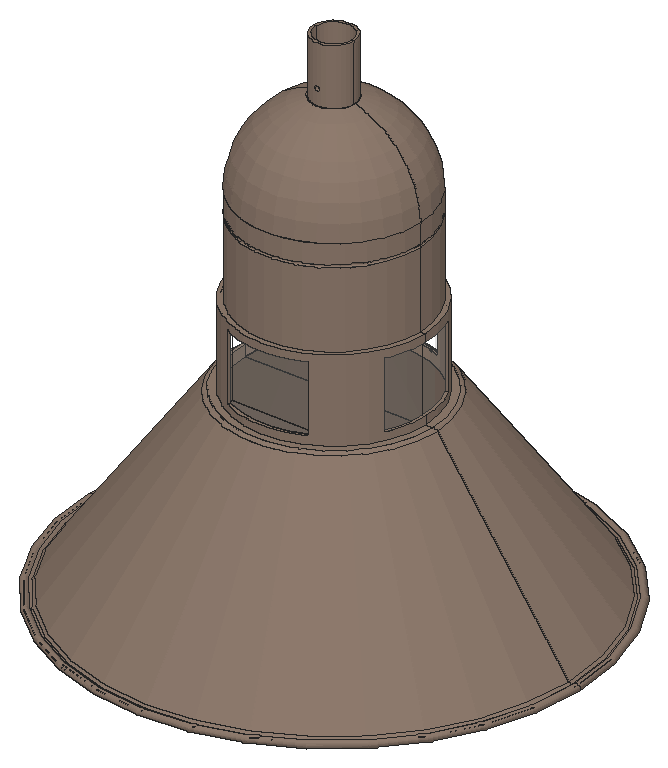
Revit family "BVA2404", category Generic Models, Revit 2014
Parameters
  GLASS = Glass
  BELL = Bronze, Architectural
Reference planes (in)
  plane 1 "Center (Front/Back)": y = 0
  plane 2: z = 0
  plane 3 "Center (Left/Right)": x = 0
Forms (in)
  Revolve 1, solid, material "Bronze, Architectural" <- "BELL"
    sketch origin (0, 0, 2.58382) x (1, 0, 0) y (0, 0, 1)
      loop
        line (-0.69, 19.36504) -> (-1.0625, 19.36504)
        arc (-1.0625, 19.36504) -> (-3.35992, 17.85258) -> (-4.25, 15.25) r 4.25
        line (-4.25, 15.25) -> (-4.25, 14.3125)
        arc (-4.25, 14.3125) -> (-4.21143, 14.25) -> (-4.25, 14.1875) r 0.06992
        line (-4.25, 14.1875) -> (-4.25, 10.5) -> (-4.125, 10.5) -> (-4.125, 14.1336)
        arc (-4.125, 14.1336) -> (-4.08643, 14.25) -> (-4.125, 14.3664) r 0.19492
        line (-4.125, 14.3664) -> (-4.125, 15.25)
        arc (-4.125, 15.25) -> (-3.26592, 17.7698) -> (-1.0465, 19.24004) r 4.125
        line (-1.0465, 19.24004) -> (-0.69, 19.24004) -> (-0.69, 19.36504)
      axis (0, 19.36504) -> (0, 10.5)
    angle from 0 to 360
  Revolve 2, solid, material "Bronze, Architectural" <- "BELL"
    sketch origin (0, 0, 2.58382) x (1, 0, 0) y (0, 0, 1)
      loop
        line (4.125, 10.5) -> (4.125, 10.375) -> (4.375, 10.375) -> (4.375, 6.375) -> (4.87357, 6.375)
        arc (4.87357, 6.375) -> (4.92998, 6.36155) -> (4.97425, 6.32408) r 0.125
        line (4.97425, 6.32408) -> (11.4011, -2.41033)
        arc (11.4011, -2.41033) -> (11.4783, -2.48787) -> (11.56979, -2.54786) r 0.52882
        arc (11.56979, -2.54786) -> (11.73271, -2.60301) -> (11.90362, -2.62242) r 0.80764
        arc (11.90362, -2.62242) -> (12.04628, -2.38668) -> (11.77108, -2.37314) r 0.16042
        line (11.77108, -2.37314) -> (11.87515, -2.44238)
        arc (11.87515, -2.44238) -> (11.93591, -2.44537) -> (11.90441, -2.49742) r 0.03542
        arc (11.90441, -2.49742) -> (11.76132, -2.48132) -> (11.62479, -2.43557) r 0.68264
        arc (11.62479, -2.43557) -> (11.55727, -2.39098) -> (11.5, -2.33382) r 0.40382
        line (11.5, -2.33382) -> (5.07493, 6.39816)
        arc (5.07493, 6.39816) -> (4.98639, 6.47309) -> (4.87357, 6.5) r 0.25
        line (4.87357, 6.5) -> (4.5, 6.5) -> (4.5, 10.5) -> (4.125, 10.5)
      axis (0, 10.5) -> (0, -2.62242)
    angle from 0 to 360
  Extrusion 3, void
    sketch origin (0, 0, 2.58382) x (1, 0, 0) y (0, 0, 1)
      loop
        line (2, 10.125) -> (-2, 10.125) -> (-2, 6.875) -> (2, 6.875) -> (2, 10.125)
    from 3.69326 to 4.71322
  Extrusion 4, void
    sketch origin (0, 0, 2.58382) x (0, 1, 0) y (0, 0, 1)
      loop
        line (2, 10.125) -> (-2, 10.125) -> (-2, 6.875) -> (2, 6.875) -> (2, 10.125)
    from 3.69326 to 4.71322
  Extrusion 5, void
    sketch origin (0, 0, 2.58382) x (0, -1, 0) y (0, 0, 1)
      loop
        line (2, 10.125) -> (-2, 10.125) -> (-2, 6.875) -> (2, 6.875) -> (2, 10.125)
    from 3.69326 to 4.71322
  Extrusion 6, void
    sketch origin (0, 0, 2.58382) x (-1, 0, 0) y (0, 0, 1)
      loop
        line (2, 10.125) -> (-2, 10.125) -> (-2, 6.875) -> (2, 6.875) -> (2, 10.125)
    from 3.69326 to 4.71322
  Revolve 7, solid, material "Glass" <- "GLASS"
    sketch origin (0, 0, 2.58382) x (1, 0, 0) y (0, 0, 1)
      loop
        line (4.375, 6.375) -> (4.375, 10.375) -> (0, 10.375) -> (0, 6.375) -> (4.375, 6.375)
      axis (0, 10.375) -> (0, 6.375)
    angle from 0 to 360
  Revolve 8, solid, material "Bronze, Architectural" <- "BELL"
    sketch origin (0, 0, 2.58382) x (1, 0, 0) y (0, 0, 1)
      loop
        line (-1, 22.11504) -> (-1, 19.36504) -> (-0.875, 19.36504) -> (-0.875, 22.11504) -> (-1, 22.11504)
      axis (0, 22.11504) -> (0, 19.36504)
    angle from 0 to 360
  Extrusion 9, void
    sketch origin (0, 0, 2.58382) x (1, 0, 0) y (0, 0, 1)
      loop
        circle (0, 20.11504) r 0.12446
    from -1.05923 to 1.05677
Cuts and joins
  Extrusion 3, Extrusion 4, Extrusion 5, Extrusion 6 cuts Revolve 2
  Extrusion 3 cuts Revolve 7
  Extrusion 9 cuts Revolve 8
Dimensions and locks (in)
  aligned and locked: plane 2 to level
